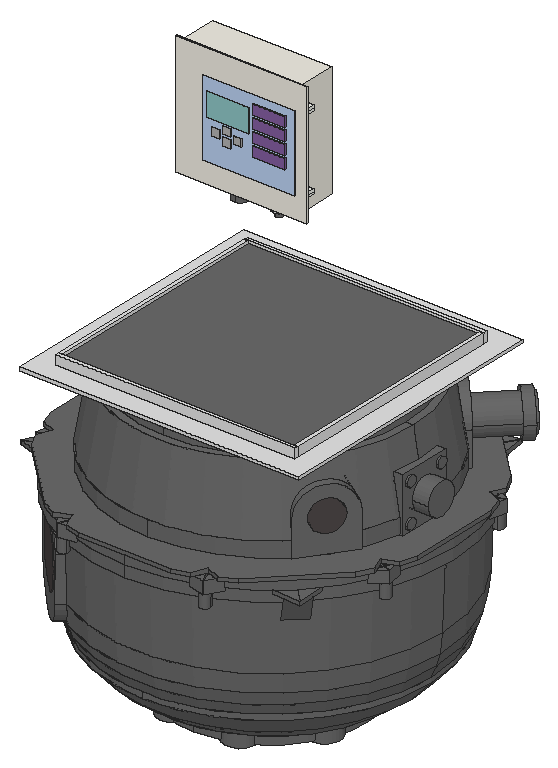
Revit family "281250s (200)", category Generic Models, Revit 2021
Family settings
  Can host rebar = No
  Round Connector Dimension = Use Diameter
  Part Type = Normal
  Work Plane-Based = No
  Always vertical = Yes
  Cut with Voids When Loaded = No
  Shared = Yes
  Room Calculation Point = No
Parameters (values of type "281250S")
  SUPPLIER = "KESSEL"
  SA700ID50 = "internal"
  SA700ID49 = "Protection Class I"
  SA700ID48 = "no"
  SA700ID47 = "no"
  SA700ID46 = "yes"
  SA700ID37 = 9000 mm
  SA700ID34 = 15.5
  SA700ID33 = 1.4 W
  SA700ID32 = 18.27 kg
  SA700ID31 = 1
  SA700ID30 = 1
  SA700ID29 = "RWDR"
  SA700ID21 = 900
  SA700ID10 = "No"
  SA700ID08 = 230 V
  PROCUREWEBLINK = "https://p.caden.as/kessel/281250S"
  PROCURELINK = "p.caden.as/kessel/281250S"
  PROCUREDATALASTUPDATE = "2024-05-22T12:17:21.284947562+01:00"
  PRC_SPECIFICATIONLINK = "https://ausschreiben.de/catalog/kessel/catalogItem/6dd9cbbd-9eb0-4519-be7c-f6a36aadcacb"
  NN = "Lifting station Aqualift S compact"
  NBSYN = "$SA810ID03. ($LODLEVEL.)"
  NB = "281250S (200)"
  Model = "281250S"
  Manufacturer = "KESSEL"
  MIdent = "{$CADENAS_DATA/23d-libs/kessel/kessel_vdi_import/4/entwaesserung/hebeanlage20aqualift20s20compact.prj},216 {STYP=ASS},{VTYP=3D},{NB=281250S (200)},{LINA=281250S},{NN=Lifting station Aqualift S compact},{DATE=21.11.2022 10:40:35},{GEOMDATE=21.11.2022 10:40:35},{VERSION=},{LINEID=180},{WBVAR=LODLEVEL},{WBNUMERIC=LODLEVEL}  {NB=281250S (200)},{LINA=281250S},{KT=DUMMY},{PREVIEW=../../bilder/ksb_w_281250s.png},{SA700ID04=Hebeanlage Aqualift S Compact, Tronic, GTF 1200, Bodenplatte, schwarz},{SA810ID06=04026092082683},{SA700ID34=15.50},{SA010ID03=201805},{SA810ID03=281250S},{SA810ID10=Die steckerfertige Hebeanlage für fäkalienfreies Abwasser ist mit einer überflutbaren Pumpe sowie einem Rückflussverhinderer ausgestattet. Der Sammelbehälter aus dauerhaft beständigem Kunststoff (PE) besitzt einen offenen Pumpenraum. Einhandverschlüsse ermöglichen die einfache Entnahme der integrierten Komponenten. Die Anlage zum Einbau in die Bodenplatte ist vormontiert zur bauseitigen Endmontage.Die Steuerung erfolgt durch ein anwenderfreundliches Schaltgerät, das optional über einen potentialfreien Kontakt in die Gebäudeleittechnik eingebunden werden oder Alarm- und Sammelstörmeldungen über eine GSM-Schnittstelle ausgeben kann.- mit teleskopischem Aufsatzstück für stufenlosen Höhen- und Niveauausgleich und integriertem Bodenablauf- Sammelbehälter aus PE, beständig gegen aggressive Abwässer und 3 m Grundwasser- inklusive Rückflussverhinderer für die Druckleitung- inklusive Stutzen für Zulauf und Kabelleerrohr- Pumpe mit Freistromrad für höchste BetriebssicherheitAusführung:Anlagenart: EinzelanlagePumpensteuerung: SchaltgerätRückflussverhinderer: integriertAuslieferungszustand: installationsfertig (Verbindungsteile sind bauseits anzuschließen)Einbausituation: Einbau in die BodenplatteAbwasserart: fäkalienfreiAllgemeine Merkmale:Farbe: schwarzNorm: EN 12050-2Abmessungen:Länge: 617 mmBreite: 585 mmBehälter/Grundkörper:Zulauf Nennweite (DN): 100 mmDruckabgang (DN): 32 mmDruckabgang (DA): 40 mmEinbautiefe: 490 - 620 mmNutzvolumen: 20 lArt der Höhenverstellbarkeit: teleskopisches AufsatzstückAbdeckungsmerkmale:Abdeckungsart: Abdeckplatte mit SchlitzrostAbdeckung Material: KunststoffAbdeckung Farbe: schwarzBelastungsklasse: K 3 (EN 1253-1)Länge: 366 mmBreite: 366 mmVerriegelung: Lock & LiftFreier Kugeldurchgang: 30 mmFördereinrichtung:Pumpe: GTF 1200Anzahl Pumpen: 1Förderleistung max.: 15,5 m3/hFörderhöhe max.: 9 mBetriebsspannung: 230 VNetzfrequenz: 50 HzBetriebsart: S3 - 10 %Leistung P1: 1,4 kWLeistung P2: 0,84 kWDrehzahl: 2.650 U/minErforderliche Absicherung (Leitungsschutz): C 16 AFörderguttemperatur (dauerhaft) max.: 40 °CAnschlusstyp: codierter SteckerLaufrad Typ: FreistromradLänge Netzanschlussleitung Pumpe: 5 mNennstrom: 6,2 ASchutzart Pumpe: IP 68 (3m)Typ Anschlussleitung Pumpe: H07RN-F 3G 1,0 mm2Temperaturüberwachung: integriertSteuerung:Schaltgerät: ComfortBetriebsspannung: 230 VNetzfrequenz: 50 HzSelbstdiagnosesystem (SDS): jaBatteriepufferung: jaMehrzeilige Displayanzeige: jaLogbuchfunktion: jaUSB-Schnittstelle: jaGSM-Schnittstelle: jaPotentialfreier Kontakt: optionalSchutzart Schaltgerät: IP 54Anschlusstyp: codierter SteckerLänge Netzanschlussleitung Schaltgerät: 1,4 mArt Niveauerfassung: pneumatischInstrument Niveauerfassung: TauchrohrAlarmgeber: optische Sonde},{SA700ID37=9.00},{SA700ID33=1.40},{SA700ID08=230},{SA700ID30=1},{SA700ID32=18.27},{SA700ID49=Schutzklasse I},{SA700ID50=intern},{SA200ID03=6},{SA250ID03=vertikal},{SA260ID03=Trockenläuferpumpe},{SA350ID03=normalansaugend},{SA400ID03=E-Motor für Wechselstrom},{SA460ID03=direkt},{SA500ID03=Kunststoff, Edelstahl},{SA700ID06=32},{SA700ID07=100},{SA700ID09=1/N/PE 230V },{SA700ID10=Nein},{SA700ID11=50},{SA700ID12=IP 68},{SA700ID13=F},{SA700ID15=35},{SA700ID21=900.00},{SA700ID22=0.84},{SA700ID23=2650},{SA700ID24=2650},{SA700ID26=6.20},{SA700ID27=14.90},{SA700ID28=durchgehend},{SA700ID29=RWDR},{SA700ID31=1},{SA700ID46=ja},{SA700ID47=nein},{SA700ID48=nein},{SA110ID04=Hebeanlage Aqualift S Compact},{SA300ID03=einstufig},{SA700ID44=10.00},{SA700ID45=10.00},{SA010ID04=KESSEL AG},{LODLEVEL=200},{LINK=https://www.kessel.de/info?han=281250S},{SA970ID01=970},{SA970ID02=14181},{SA970ID03=281250S},{SA970ID04=11002617},{SA970ID05=QUAD},{SA970ID06=-326},{SA970ID07=-291.04},{SA970ID08=0},{SA970ID09=1},{SA970ID10=0},{SA970ID11=0},{SA970ID12=0},{SA970ID13=1},{SA970ID14=0},{SA970ID15=617.04},{SA970ID16=582.09},{SA970ID17=506.5},{LODLEVEL_=200,'Low'},{LODLEVEL_DEU=200,'Low'},{LINK_=https://www.kessel.de/info?han=281250S},{LINK_DEU=https://www.kessel.de/info?han=281250S},{LODLEVEL_3DB=281250S_200},{DNIN1=100},{DNIN2=125},{DNIN3=100},{DNIN4=100},{DNOUT1=70},{DNOUT2=32},{ISD1=60},{ISD2=10},{ISD3=10},{SA010ID01=010},{SA010ID02=4},{SA010ID06=www.kessel.de},{SA010ID07=www.kessel.de},{SA010ID12=20180713},{SA010ID13=DEU},{SA010ID14=DE},{SA100ID01=100},{SA100ID02=4},{SA100ID04=Entwässerung},{SA110ID01=110},{SA110ID02=30},{SA200ID01=200},{SA200ID02=6},{SA250ID01=250},{SA250ID02=2},{SA260ID01=260},{SA260ID02=2},{SA300ID01=300},{SA300ID02=1},{SA350ID01=350},{SA350ID02=1},{SA400ID01=400},{SA400ID02=1},{SA460ID01=460},{SA460ID02=1},{SA500ID01=500},{SA500ID02=1},{SA700ID01=700},{SA700ID02=202},{SA700ID10_=0},{SA700ID16=0},{SA700ID25=0},{SA700ID46_=1},{SA700ID47_=0},{SA700ID48_=0},{SA700ID49_=1},{SA700ID50_=2},{SA800ID01=800},{SA800ID02=17},{SA810ID01=810},{SA810ID02=202},{SA810ID04=281250S},{SA810ID07=202},{SA810ID09=1},{SA810ID14=PCE},{SA810ID15=1},{SA810ID16=NMP},{SA960ID03=202},{SA960ID04=3L},{SA960ID08=https://www.kessel.de/info?han=281250S},{SA010ID08=4026092000007},{SA100ID05=Hebeanlage},{SA110ID06=Hebeanlage}"
  LINK = "https://www.kessel.de/info?han=281250S"
  LINA = "281250S"
  Default Elevation = 0 mm
  CREATOR = "CADENAS GmbH"
  CATALOG = "KESSEL"
  BOMINFO = "LINA"
  ARTICLENO = "NB"
  4.810.00.9 Order quantity (multiplicator) = "1"
  4.810.00.7 Media- connection number = "202"
  4.810.00.6 GTIN number = "04026092082683"
  4.810.00.4 DATANORM number = "281250S"
  4.810.00.3 Producer order number = "281250S"
  4.710.03.7 Mass (net) = 18.27 kg
  4.710.03.6 Height = 490 mm
  4.710.03.5 Width = 580 mm
  4.710.03.4 Length = 620 mm
  4.710.03.3 Type of dimensions = "2"
  4.710.02.8 Area of application of wastewater pump = "2"
  4.710.02.7 Art des S2/S3-Betriebs = "50 %"
  4.710.02.6 Duty type = "S3"
  4.710.02.5 Cutting device = "0"
  4.710.02.4 Attached pump control = "1"
  4.710.02.3 Free passage = 30 mm
  4.710.01.6 Option to connect to building automation = "30"
  4.710.01.5 Load regulation = "0"
  4.710.01.4 Designation of closed-loop control = "20"
  4.700.00.9 Voltage = 0
  4.700.00.8 Nominal connection size on suction side = "100"
  4.700.00.7 Nominal connection size on pressure side = "100"
  4.700.00.6 Type of connection = "32"
  4.700.00.4 Product indentification = "Hebeanlage Aqualift S Compact, Tronic, GTF 1200, Bodenplatte, schwarz"
  4.700.00.28 Motor pump shaft = "durchgehend"
  4.700.00.27 Starting current = 14.9
  4.700.00.26 Maximum power consumption per pump / drive = 6.2
  4.700.00.25 Minimum speed at internal speed adjustment = 0
  4.700.00.24 Nominal speed / maximum speed n = 44.1667
  4.700.00.23 Nominal speed of motor = 44.1667
  4.700.00.22 Maximum shaft output (P2) per pump/drive = 0.84 W
  4.700.00.16 Maximum temperature of pumped medium = 0 °C
  4.700.00.15 Increased safety class = "35 °C"
  4.700.00.13 Type of protection = "F"
  4.700.00.12 Frequency = 0
  4.700.00.11 Stern-/Dreieck-Anlaufschaltung bei Dreiphasenanschluss oder Drehstrom = "50 Hz"
  4.700.00.10 Phase = "0"
  4.500.00.3 Variant / Variant type / Accessories-name = "Kunststoff, Edelstahl"
  4.460.00.3 Variant / Variant type / Accessories-name = "direkt"
  4.400.00.3 Variant / Variant type / Accessories-name = "E-Motor für Wechselstrom"
  4.350.00.3 Variant / Variant type / Accessories-name = "normalansaugend"
  4.300.00.3 Variant / Variant type / Accessories-name = "einstufig"
  4.260.00.3 Variant / Variant type / Accessories-name = "Trockenläuferpumpe"
  4.250.00.3 Variant / Variant type / Accessories-name = "vertikal"
  4.200.00.3 Variant / Variant type / Accessories-name = "6"
  4.110.00.6 Product classification = "Hebeanlage"
  4.110.00.4 Product indentification = "Hebeanlage Aqualift S Compact"
  4.100.00.5 Main groups of wares = "Hebeanlage"
  4.100.00.4 Product indentification = "Entwässerung"
  4.010.00.8 Producer ID number = "4026092000007"
  4.010.00.7 Comment = "www.kessel.de"
  4.010.00.6 Web address of the manufacturer = "www.kessel.de"
  4.010.00.4 Manufacturer name = "KESSEL AG"
  4.010.00.3 Date of issuance (month) of guideline = "201805"
  4.010.00.2 Sheet number of the guideline = "4"
  4.010.00.14 Kennungen der Projektländer, für die die Datei gültig ist = "DE"
  4.010.00.13 Sprache der Datei = "DEU"
  4.010.00.12 Stand des Herstellerkatalogs = "20180713"
Reference planes
  plane 1 "Center (Front/Back)": y = 0
  plane 2: z = 0
  plane 3 "Center (Left/Right)": x = 0
Forms (mm)
  Extrusion 1, void
    sketch origin (-161, 217, 518.2) x (0, 1, 0) y (-1, 0, 0)
      loop
        line (-0.5, -0.5) -> (0.5, -0.5) -> (0.5, 0.5) -> (-0.5, 0.5) -> (-0.5, -0.5)
    from 0 to 1
  Extrusion 2, void
    sketch origin (-197.283, 197.283, 209) x (-0.707107, -0.707107, 0) y (0, 0, -1)
      loop
        line (-0.5, -0.5) -> (0.5, -0.5) -> (0.5, 0.5) -> (-0.5, 0.5) -> (-0.5, -0.5)
    from 0 to 1
  Extrusion 3, void
    sketch origin (-197.283, -197.283, 209) x (0.707107, -0.707107, 0) y (0, 0, -1)
      loop
        line (-0.5, -0.5) -> (0.5, -0.5) -> (0.5, 0.5) -> (-0.5, 0.5) -> (-0.5, -0.5)
    from 0 to 1
  Extrusion 4, void
    sketch origin (-247, 0, 370) x (0, -1, 0) y (0, 0, -1)
      loop
        line (-0.5, -0.5) -> (0.5, -0.5) -> (0.5, 0.5) -> (-0.5, 0.5) -> (-0.5, -0.5)
    from 0 to 1
  Extrusion 5, void
    sketch origin (242.226, 228.084, 376) x (-0.707107, 0.707107, 0) y (0, 0, -1)
      loop
        line (-0.5, -0.5) -> (0.5, -0.5) -> (0.5, 0.5) -> (-0.5, 0.5) -> (-0.5, -0.5)
    from 0 to 1
  Extrusion 6, void
    sketch origin (228.084, 242.226, 376) x (-0.707107, 0.707107, 0) y (0, 0, -1)
      loop
        line (-0.5, -0.5) -> (0.5, -0.5) -> (0.5, 0.5) -> (-0.5, 0.5) -> (-0.5, -0.5)
    from 0 to 1
  Extrusion 7, void
    sketch origin (242.226, 228.084, 364) x (-0.707107, 0.707107, 0) y (0, 0, -1)
      loop
        line (-0.5, -0.5) -> (0.5, -0.5) -> (0.5, 0.5) -> (-0.5, 0.5) -> (-0.5, -0.5)
    from 0 to 1
  Extrusion 8, void
    sketch origin (228.084, 242.226, 364) x (-0.707107, 0.707107, 0) y (0, 0, -1)
      loop
        line (-0.5, -0.5) -> (0.5, -0.5) -> (0.5, 0.5) -> (-0.5, 0.5) -> (-0.5, -0.5)
    from 0 to 1
Dimensions and locks
  locked: plane 2 to Extrusion 1 at 519.2
  locked: plane 2 to Extrusion 1 at 518.2
  locked: plane 2 to Extrusion 2 at 208.5
  locked: plane 2 to Extrusion 2 at 209.5
  locked: plane 2 to Extrusion 3 at 208.5
  locked: plane 2 to Extrusion 3 at 209.5
  locked: plane 2 to Extrusion 4 at 369.5
  locked: plane 2 to Extrusion 4 at 370.5
  locked: plane 2 to Extrusion 5 at 375.5
  locked: plane 2 to Extrusion 5 at 376.5
  locked: plane 2 to Extrusion 6 at 375.5
  locked: plane 2 to Extrusion 6 at 376.5
  locked: plane 2 to Extrusion 7 at 363.5
  locked: plane 2 to Extrusion 7 at 364.5
  locked: plane 2 to Extrusion 8 at 363.5
  locked: plane 2 to Extrusion 8 at 364.5
  aligned and locked: level to plane 2
Nested families
  nested 1: "281250s (200)_content" at (0, 0, 0), type "281250S (200)_Content"
  nested 2: "281250s (200)_part1_X0Y0" at (-194, 244.5, 558), type "281250S_PART1_X0Y0"
  nested 3: "281250s (200)_part2_X0Y0" at (0, 0, 0), type "281250S_PART2_X0Y0"
Connectors
  electrical at (-257.5, 217, 524.5)
    settings: on nested 2, index 1, voltage 0 V, apparent load 0 VA, apparent load phase1 0 VA, apparent load phase2 0 VA, apparent load phase3 0 VA, power factor 1, load classification "Other", number of poles 1, system type 31, power factor state 1, is connector primary yes, connector utility no, sub classification motor no, connector description ""
  electrical at (-223, 217, 521)
    settings: on nested 2, index 2, voltage 0 V, apparent load 0 VA, apparent load phase1 0 VA, apparent load phase2 0 VA, apparent load phase3 0 VA, power factor 1, load classification "Other", number of poles 1, system type 31, power factor state 1, is connector primary no, connector utility no, sub classification motor no, connector description ""
  electrical at (-189, 217, 530.9)
    settings: on nested 2, index 3, voltage 0 V, apparent load 0 VA, apparent load phase1 0 VA, apparent load phase2 0 VA, apparent load phase3 0 VA, power factor 1, load classification "Other", number of poles 1, system type 31, power factor state 1, is connector primary no, connector utility no, sub classification motor no, connector description ""
  electrical at (-161, 217, 518.2)
    settings: on Extrusion 1, index 4, voltage 0 V, apparent load 0 VA, apparent load phase1 0 VA, apparent load phase2 0 VA, apparent load phase3 0 VA, power factor 1, load classification "Other", number of poles 1, system type 31, power factor state 1, is connector primary no, connector utility no, sub classification motor no, connector description ""
  electrical at (-136.5, 217, 557.2)
    settings: on nested 2, index 5, voltage 0 V, apparent load 0 VA, apparent load phase1 0 VA, apparent load phase2 0 VA, apparent load phase3 0 VA, power factor 1, load classification "Other", number of poles 1, system type 31, power factor state 1, is connector primary no, connector utility no, sub classification motor no, connector description ""
  electrical at (-114.5, 217, 557.2)
    settings: on nested 2, index 6, voltage 0 V, apparent load 0 VA, apparent load phase1 0 VA, apparent load phase2 0 VA, apparent load phase3 0 VA, power factor 1, load classification "Other", number of poles 1, system type 31, power factor state 1, is connector primary no, connector utility no, sub classification motor no, connector description ""
  piping at (-326, 0, 209), diameter 125
    settings: on nested 3, index 7, connector inside diameter 609.6 mm, connector length 0 mm, flow factor 0, pipe flow 0.0 L/s, pressure drop 0.0 Pa, fitting loss kfactor 0, connector angle 0.00°, fixture units 0, engagement length 0 mm, angle of deflection 0.00°, flow configuration 0, flow direction 1, fitting loss method 2, system type 29, joint type 0, gender type 0, connector reference index -1, connector utility 0, adjustable connector no, is connector primary yes, connector description ""
  piping at (-197.283, 197.283, 209), diameter 100
    settings: on Extrusion 2, index 8, connector inside diameter 609.6 mm, connector length 0 mm, flow factor 0, pipe flow 0.0 L/s, pressure drop 0.0 Pa, fitting loss kfactor 0, connector angle 0.00°, fixture units 0, engagement length 0 mm, angle of deflection 0.00°, flow configuration 0, flow direction 0, fitting loss method 2, system type 29, joint type 0, gender type 0, connector reference index -1, connector utility 0, adjustable connector no, is connector primary no, connector description ""
  piping at (-197.283, -197.283, 209), diameter 100
    settings: on Extrusion 3, index 9, connector inside diameter 609.6 mm, connector length 0 mm, flow factor 0, pipe flow 0.0 L/s, pressure drop 0.0 Pa, fitting loss kfactor 0, connector angle 0.00°, fixture units 0, engagement length 0 mm, angle of deflection 0.00°, flow configuration 0, flow direction 0, fitting loss method 2, system type 29, joint type 0, gender type 0, connector reference index -1, connector utility 0, adjustable connector no, is connector primary no, connector description ""
  piping at (-247, 0, 370), diameter 70
    settings: on Extrusion 4, index 10, connector inside diameter 609.6 mm, connector length 0 mm, flow factor 0, pipe flow 0.0 L/s, pressure drop 0.0 Pa, fitting loss kfactor 0, connector angle 0.00°, fixture units 0, engagement length 0 mm, angle of deflection 0.00°, flow configuration 0, flow direction 0, fitting loss method 2, system type 29, joint type 0, gender type 0, connector reference index -1, connector utility 0, adjustable connector no, is connector primary no, connector description ""
  piping at (272.5, -3, 363.25), diameter 32
    settings: on nested 3, index 11, connector inside diameter 609.6 mm, connector length 0 mm, flow factor 0, pipe flow 0.0 L/s, pressure drop 0.0 Pa, fitting loss kfactor 0, connector angle 0.00°, fixture units 0, engagement length 0 mm, angle of deflection 0.00°, flow configuration 0, flow direction 2, fitting loss method 2, system type 29, joint type 0, gender type 0, connector reference index -1, connector utility 0, adjustable connector no, is connector primary no, connector description ""
  electrical at (242.226, 228.084, 376)
    settings: on Extrusion 5, index 12, voltage 0 V, apparent load 0 VA, apparent load phase1 0 VA, apparent load phase2 0 VA, apparent load phase3 0 VA, power factor 1, load classification "Other", number of poles 1, system type 31, power factor state 1, is connector primary no, connector utility no, sub classification motor no, connector description ""
  electrical at (228.084, 242.226, 376)
    settings: on Extrusion 6, index 13, voltage 0 V, apparent load 0 VA, apparent load phase1 0 VA, apparent load phase2 0 VA, apparent load phase3 0 VA, power factor 1, load classification "Other", number of poles 1, system type 31, power factor state 1, is connector primary no, connector utility no, sub classification motor no, connector description ""
  electrical at (242.226, 228.084, 364)
    settings: on Extrusion 7, index 14, voltage 0 V, apparent load 0 VA, apparent load phase1 0 VA, apparent load phase2 0 VA, apparent load phase3 0 VA, power factor 1, load classification "Other", number of poles 1, system type 31, power factor state 1, is connector primary no, connector utility no, sub classification motor no, connector description ""
  electrical at (228.084, 242.226, 364)
    settings: on Extrusion 8, index 15, voltage 0 V, apparent load 0 VA, apparent load phase1 0 VA, apparent load phase2 0 VA, apparent load phase3 0 VA, power factor 1, load classification "Other", number of poles 1, system type 31, power factor state 1, is connector primary no, connector utility no, sub classification motor no, connector description ""
Definition of nested family "281250s (200)_part1_X0Y0"
  Parameters (values of type "281250S_PART1_X0Y0")
    SUPPLIER = "KESSEL"
    SA700ID50 = "internal"
    SA700ID49 = "Protection Class I"
    SA700ID48 = "no"
    SA700ID47 = "no"
    SA700ID46 = "yes"
    SA700ID37 = 9000 mm
    SA700ID34 = 15.5
    SA700ID33 = 1.4 W
    SA700ID32 = 18.27 kg
    SA700ID31 = 1
    SA700ID30 = 1
    SA700ID29 = "RWDR"
    SA700ID21 = 900
    SA700ID10 = "No"
    SA700ID08 = 230 V
    NBSYN = "$SA810ID03. ($LODLEVEL.)_PART1"
    NB = "281250S (200)_PART1"
    Model = "281250S_PART1"
    Manufacturer = "KESSEL"
    MIdent = "{$CADENAS_DATA/23d-libs/kessel/kessel_vdi_import/4/entwaesserung/hebeanlage20aqualift20s20compact.prj},236 {VTYP=3D},{NB=281250S (200)_PART1},{LINA=281250S_PART1},{NN=Lifting station Aqualift S compact_PART1},{NOPRJ=TRUE},{DATE=21.11.2022 10:40:35},{GEOMDATE=21.11.2022 10:40:35},{VERSION=},{LINEID=180},{WBVAR=LODLEVEL},{WBNUMERIC=LODLEVEL}  {NB=281250S (200)_PART1},{LINA=281250S_PART1},{KT=DUMMY},{PREVIEW=../../bilder/ksb_w_281250s.png},{SA700ID04=Hebeanlage Aqualift S Compact, Tronic, GTF 1200, Bodenplatte, schwarz},{SA810ID06=04026092082683},{SA700ID34=15.50},{SA010ID03=201805},{SA810ID03=281250S},{SA810ID10=Die steckerfertige Hebeanlage für fäkalienfreies Abwasser ist mit einer überflutbaren Pumpe sowie einem Rückflussverhinderer ausgestattet. Der Sammelbehälter aus dauerhaft beständigem Kunststoff (PE) besitzt einen offenen Pumpenraum. Einhandverschlüsse ermöglichen die einfache Entnahme der integrierten Komponenten. Die Anlage zum Einbau in die Bodenplatte ist vormontiert zur bauseitigen Endmontage.Die Steuerung erfolgt durch ein anwenderfreundliches Schaltgerät, das optional über einen potentialfreien Kontakt in die Gebäudeleittechnik eingebunden werden oder Alarm- und Sammelstörmeldungen über eine GSM-Schnittstelle ausgeben kann.- mit teleskopischem Aufsatzstück für stufenlosen Höhen- und Niveauausgleich und integriertem Bodenablauf- Sammelbehälter aus PE, beständig gegen aggressive Abwässer und 3 m Grundwasser- inklusive Rückflussverhinderer für die Druckleitung- inklusive Stutzen für Zulauf und Kabelleerrohr- Pumpe mit Freistromrad für höchste BetriebssicherheitAusführung:Anlagenart: EinzelanlagePumpensteuerung: SchaltgerätRückflussverhinderer: integriertAuslieferungszustand: installationsfertig (Verbindungsteile sind bauseits anzuschließen)Einbausituation: Einbau in die BodenplatteAbwasserart: fäkalienfreiAllgemeine Merkmale:Farbe: schwarzNorm: EN 12050-2Abmessungen:Länge: 617 mmBreite: 585 mmBehälter/Grundkörper:Zulauf Nennweite (DN): 100 mmDruckabgang (DN): 32 mmDruckabgang (DA): 40 mmEinbautiefe: 490 - 620 mmNutzvolumen: 20 lArt der Höhenverstellbarkeit: teleskopisches AufsatzstückAbdeckungsmerkmale:Abdeckungsart: Abdeckplatte mit SchlitzrostAbdeckung Material: KunststoffAbdeckung Farbe: schwarzBelastungsklasse: K 3 (EN 1253-1)Länge: 366 mmBreite: 366 mmVerriegelung: Lock & LiftFreier Kugeldurchgang: 30 mmFördereinrichtung:Pumpe: GTF 1200Anzahl Pumpen: 1Förderleistung max.: 15,5 m3/hFörderhöhe max.: 9 mBetriebsspannung: 230 VNetzfrequenz: 50 HzBetriebsart: S3 - 10 %Leistung P1: 1,4 kWLeistung P2: 0,84 kWDrehzahl: 2.650 U/minErforderliche Absicherung (Leitungsschutz): C 16 AFörderguttemperatur (dauerhaft) max.: 40 °CAnschlusstyp: codierter SteckerLaufrad Typ: FreistromradLänge Netzanschlussleitung Pumpe: 5 mNennstrom: 6,2 ASchutzart Pumpe: IP 68 (3m)Typ Anschlussleitung Pumpe: H07RN-F 3G 1,0 mm2Temperaturüberwachung: integriertSteuerung:Schaltgerät: ComfortBetriebsspannung: 230 VNetzfrequenz: 50 HzSelbstdiagnosesystem (SDS): jaBatteriepufferung: jaMehrzeilige Displayanzeige: jaLogbuchfunktion: jaUSB-Schnittstelle: jaGSM-Schnittstelle: jaPotentialfreier Kontakt: optionalSchutzart Schaltgerät: IP 54Anschlusstyp: codierter SteckerLänge Netzanschlussleitung Schaltgerät: 1,4 mArt Niveauerfassung: pneumatischInstrument Niveauerfassung: TauchrohrAlarmgeber: optische Sonde},{SA700ID37=9.00},{SA700ID33=1.40},{SA700ID08=230},{SA700ID30=1},{SA700ID32=18.27},{SA700ID49=Schutzklasse I},{SA700ID50=intern},{SA200ID03=6},{SA250ID03=vertikal},{SA260ID03=Trockenläuferpumpe},{SA350ID03=normalansaugend},{SA400ID03=E-Motor für Wechselstrom},{SA460ID03=direkt},{SA500ID03=Kunststoff, Edelstahl},{SA700ID06=32},{SA700ID07=100},{SA700ID09=1/N/PE 230V },{SA700ID10=Nein},{SA700ID11=50},{SA700ID12=IP 68},{SA700ID13=F},{SA700ID15=35},{SA700ID21=900.00},{SA700ID22=0.84},{SA700ID23=2650},{SA700ID24=2650},{SA700ID26=6.20},{SA700ID27=14.90},{SA700ID28=durchgehend},{SA700ID29=RWDR},{SA700ID31=1},{SA700ID46=ja},{SA700ID47=nein},{SA700ID48=nein},{SA110ID04=Hebeanlage Aqualift S Compact},{SA300ID03=einstufig},{SA700ID44=10.00},{SA700ID45=10.00},{SA010ID04=KESSEL AG},{LODLEVEL=200},{LINK=https://www.kessel.de/info?han=281250S},{SA970ID01=970},{SA970ID02=14181},{SA970ID03=281250S},{SA970ID04=11002617},{SA970ID05=QUAD},{SA970ID06=-326},{SA970ID07=-291.04},{SA970ID08=0},{SA970ID09=1},{SA970ID10=0},{SA970ID11=0},{SA970ID12=0},{SA970ID13=1},{SA970ID14=0},{SA970ID15=617.04},{SA970ID16=582.09},{SA970ID17=506.5},{LODLEVEL_=200,'Low'},{LODLEVEL_DEU=200,'Low'},{LINK_=https://www.kessel.de/info?han=281250S},{LINK_DEU=https://www.kessel.de/info?han=281250S},{LODLEVEL_3DB=281250S_200},{DNIN1=100},{DNIN2=125},{DNIN3=100},{DNIN4=100},{DNOUT1=70},{DNOUT2=32},{ISD1=60},{ISD2=10},{ISD3=10},{SA010ID01=010},{SA010ID02=4},{SA010ID06=www.kessel.de},{SA010ID07=www.kessel.de},{SA010ID12=20180713},{SA010ID13=DEU},{SA010ID14=DE},{SA100ID01=100},{SA100ID02=4},{SA100ID04=Entwässerung},{SA110ID01=110},{SA110ID02=30},{SA200ID01=200},{SA200ID02=6},{SA250ID01=250},{SA250ID02=2},{SA260ID01=260},{SA260ID02=2},{SA300ID01=300},{SA300ID02=1},{SA350ID01=350},{SA350ID02=1},{SA400ID01=400},{SA400ID02=1},{SA460ID01=460},{SA460ID02=1},{SA500ID01=500},{SA500ID02=1},{SA700ID01=700},{SA700ID02=202},{SA700ID10_=0},{SA700ID16=0},{SA700ID25=0},{SA700ID46_=1},{SA700ID47_=0},{SA700ID48_=0},{SA700ID49_=1},{SA700ID50_=2},{SA800ID01=800},{SA800ID02=17},{SA810ID01=810},{SA810ID02=202},{SA810ID04=281250S},{SA810ID07=202},{SA810ID09=1},{SA810ID14=PCE},{SA810ID15=1},{SA810ID16=NMP},{SA960ID03=202},{SA960ID04=3L},{SA960ID08=https://www.kessel.de/info?han=281250S},{SA010ID08=4026092000007},{SA100ID05=Hebeanlage},{SA110ID06=Hebeanlage}"
    LINK = "https://www.kessel.de/info?han=281250S"
    LINA = "281250S_PART1"
    Default Elevation = 1219.2 mm
    CREATOR = "CADENAS GmbH"
    CATALOG = "KESSEL"
    BOMINFO = "LINA"
    ARTICLENO = "NB"
    4.810.00.9 Order quantity (multiplicator) = "1"
    4.810.00.7 Media- connection number = "202"
    4.810.00.6 GTIN number = "04026092082683"
    4.810.00.4 DATANORM number = "281250S"
    4.810.00.3 Producer order number = "281250S"
    4.710.03.7 Mass (net) = 18.27 kg
    4.710.03.6 Height = 490 mm
    4.710.03.5 Width = 580 mm
    4.710.03.4 Length = 620 mm
    4.710.03.3 Type of dimensions = "2"
    4.710.02.8 Area of application of wastewater pump = "2"
    4.710.02.7 Art des S2/S3-Betriebs = "50 %"
    4.710.02.6 Duty type = "S3"
    4.710.02.5 Cutting device = "0"
    4.710.02.4 Attached pump control = "1"
    4.710.02.3 Free passage = 30 mm
    4.710.01.6 Option to connect to building automation = "30"
    4.710.01.5 Load regulation = "0"
    4.710.01.4 Designation of closed-loop control = "20"
    4.700.00.9 Voltage = 0
    4.700.00.8 Nominal connection size on suction side = "100"
    4.700.00.7 Nominal connection size on pressure side = "100"
    4.700.00.6 Type of connection = "32"
    4.700.00.4 Product indentification = "Hebeanlage Aqualift S Compact, Tronic, GTF 1200, Bodenplatte, schwarz"
    4.700.00.28 Motor pump shaft = "durchgehend"
    4.700.00.27 Starting current = 14.9
    4.700.00.26 Maximum power consumption per pump / drive = 6.2
    4.700.00.25 Minimum speed at internal speed adjustment = 0
    4.700.00.24 Nominal speed / maximum speed n = 44.1667
    4.700.00.23 Nominal speed of motor = 44.1667
    4.700.00.22 Maximum shaft output (P2) per pump/drive = 0.84 W
    4.700.00.16 Maximum temperature of pumped medium = 0 °C
    4.700.00.15 Increased safety class = "35 °C"
    4.700.00.13 Type of protection = "F"
    4.700.00.12 Frequency = 0
    4.700.00.11 Stern-/Dreieck-Anlaufschaltung bei Dreiphasenanschluss oder Drehstrom = "50 Hz"
    4.700.00.10 Phase = "0"
    4.500.00.3 Variant / Variant type / Accessories-name = "Kunststoff, Edelstahl"
    4.460.00.3 Variant / Variant type / Accessories-name = "direkt"
    4.400.00.3 Variant / Variant type / Accessories-name = "E-Motor für Wechselstrom"
    4.350.00.3 Variant / Variant type / Accessories-name = "normalansaugend"
    4.300.00.3 Variant / Variant type / Accessories-name = "einstufig"
    4.260.00.3 Variant / Variant type / Accessories-name = "Trockenläuferpumpe"
    4.250.00.3 Variant / Variant type / Accessories-name = "vertikal"
    4.200.00.3 Variant / Variant type / Accessories-name = "6"
    4.110.00.6 Product classification = "Hebeanlage"
    4.110.00.4 Product indentification = "Hebeanlage Aqualift S Compact"
    4.100.00.5 Main groups of wares = "Hebeanlage"
    4.100.00.4 Product indentification = "Entwässerung"
    4.010.00.8 Producer ID number = "4026092000007"
    4.010.00.7 Comment = "www.kessel.de"
    4.010.00.6 Web address of the manufacturer = "www.kessel.de"
    4.010.00.4 Manufacturer name = "KESSEL AG"
    4.010.00.3 Date of issuance (month) of guideline = "201805"
    4.010.00.2 Sheet number of the guideline = "4"
    4.010.00.14 Kennungen der Projektländer, für die die Datei gültig ist = "DE"
    4.010.00.13 Sprache der Datei = "DEU"
    4.010.00.12 Stand des Herstellerkatalogs = "20180713"
  Reference planes
    plane 1 "Center (Front/Back)": y = 0
    plane 2: z = 0
    plane 3 "Center (Left/Right)": x = 0
  Dimensions and locks
    aligned and locked: level to plane 2
  Nested families
    nested 1: "281250s (200)_part1_content" at (0, 0, 0), type "281250S (200)_PART1_Content"
  Definition of nested family "281250s (200)_part1_content"
    Parameters (values of type "281250S (200)_PART1_Content")
      SUPPLIER = "KESSEL"
      SA700ID50 = "internal"
      SA700ID49 = "Protection Class I"
      SA700ID48 = "no"
      SA700ID47 = "no"
      SA700ID46 = "yes"
      SA700ID37 = 9000 mm
      SA700ID34 = 15.5
      SA700ID33 = 1.4 W
      SA700ID32 = 18.27 kg
      SA700ID31 = 1
      SA700ID30 = 1
      SA700ID29 = "RWDR"
      SA700ID21 = 900
      SA700ID10 = "No"
      SA700ID08 = 230 V
      NBSYN = "$SA810ID03. ($LODLEVEL.)_PART1"
      NB = "281250S (200)_PART1"
      Model = "281250S_PART1"
      Manufacturer = "KESSEL"
      LINK = "https://www.kessel.de/info?han=281250S"
      LINA = "281250S_PART1"
      Default Elevation = 1219.2 mm
      CREATOR = "CADENAS GmbH"
      CATALOG = "KESSEL"
      BOMINFO = "LINA"
      ARTICLENO = "NB"
      4.810.00.9 Order quantity (multiplicator) = "1"
      4.810.00.7 Media- connection number = "202"
      4.810.00.6 GTIN number = "04026092082683"
      4.810.00.4 DATANORM number = "281250S"
      4.810.00.3 Producer order number = "281250S"
      4.710.03.7 Mass (net) = 18.27 kg
      4.710.03.6 Height = 490 mm
      4.710.03.5 Width = 580 mm
      4.710.03.4 Length = 620 mm
      4.710.03.3 Type of dimensions = "2"
      4.710.02.8 Area of application of wastewater pump = "2"
      4.710.02.7 Art des S2/S3-Betriebs = "50 %"
      4.710.02.6 Duty type = "S3"
      4.710.02.5 Cutting device = "0"
      4.710.02.4 Attached pump control = "1"
      4.710.02.3 Free passage = 30 mm
      4.710.01.6 Option to connect to building automation = "30"
      4.710.01.5 Load regulation = "0"
      4.710.01.4 Designation of closed-loop control = "20"
      4.700.00.9 Voltage = 0
      4.700.00.8 Nominal connection size on suction side = "100"
      4.700.00.7 Nominal connection size on pressure side = "100"
      4.700.00.6 Type of connection = "32"
      4.700.00.4 Product indentification = "Hebeanlage Aqualift S Compact, Tronic, GTF 1200, Bodenplatte, schwarz"
      4.700.00.28 Motor pump shaft = "durchgehend"
      4.700.00.27 Starting current = 14.9
      4.700.00.26 Maximum power consumption per pump / drive = 6.2
      4.700.00.25 Minimum speed at internal speed adjustment = 0
      4.700.00.24 Nominal speed / maximum speed n = 44.1667
      4.700.00.23 Nominal speed of motor = 44.1667
      4.700.00.22 Maximum shaft output (P2) per pump/drive = 0.84 W
      4.700.00.16 Maximum temperature of pumped medium = 0 °C
      4.700.00.15 Increased safety class = "35 °C"
      4.700.00.13 Type of protection = "F"
      4.700.00.12 Frequency = 0
      4.700.00.11 Stern-/Dreieck-Anlaufschaltung bei Dreiphasenanschluss oder Drehstrom = "50 Hz"
      4.700.00.10 Phase = "0"
      4.500.00.3 Variant / Variant type / Accessories-name = "Kunststoff, Edelstahl"
      4.460.00.3 Variant / Variant type / Accessories-name = "direkt"
      4.400.00.3 Variant / Variant type / Accessories-name = "E-Motor für Wechselstrom"
      4.350.00.3 Variant / Variant type / Accessories-name = "normalansaugend"
      4.300.00.3 Variant / Variant type / Accessories-name = "einstufig"
      4.260.00.3 Variant / Variant type / Accessories-name = "Trockenläuferpumpe"
      4.250.00.3 Variant / Variant type / Accessories-name = "vertikal"
      4.200.00.3 Variant / Variant type / Accessories-name = "6"
      4.110.00.6 Product classification = "Hebeanlage"
      4.110.00.4 Product indentification = "Hebeanlage Aqualift S Compact"
      4.100.00.5 Main groups of wares = "Hebeanlage"
      4.100.00.4 Product indentification = "Entwässerung"
      4.010.00.8 Producer ID number = "4026092000007"
      4.010.00.7 Comment = "www.kessel.de"
      4.010.00.6 Web address of the manufacturer = "www.kessel.de"
      4.010.00.4 Manufacturer name = "KESSEL AG"
      4.010.00.3 Date of issuance (month) of guideline = "201805"
      4.010.00.2 Sheet number of the guideline = "4"
      4.010.00.14 Kennungen der Projektländer, für die die Datei gültig ist = "DE"
      4.010.00.13 Sprache der Datei = "DEU"
      4.010.00.12 Stand des Herstellerkatalogs = "20180713"
    Reference planes
      plane 1 "Center (Front/Back)": y = 0
      plane 2: z = 0
      plane 3 "Center (Left/Right)": x = 0
    Forms (mm)
      Extrusion 1, solid, detail levels medium+fine
        sketch origin (94.5, 0, 0) x (0, -1, 0) y (0, 0, 1)
          loop
            line (0, 181) -> (0, 0) -> (66, 0) -> (66, 181) -> (0, 181)
        from 0 to 189
      Extrusion 2, solid, detail levels medium+fine
        sketch origin (108.5, -66, -7) x (0, -1, 0) y (0, 0, 1)
          loop
            line (0, 194) -> (0, 0) -> (2, 0) -> (2, 194) -> (0, 194)
        from 0 to 208
      Extrusion 3, solid, detail levels medium+fine
        sketch origin (90, -68, 26.5) x (0, -1, 0) y (0, 0, 1)
          loop
            line (-1.25, 120) -> (-1.25, 0) -> (0.25, 0) -> (0.25, 120) -> (-1.25, 120)
        from 0 to 146
      Extrusion 4, solid, detail levels medium+fine
        sketch origin (5.5, -68.25, 66) x (0, -1, 0) y (0, 0, 1)
          loop
            line (-1, 12) -> (-1, 0) -> (0.5, 0) -> (0.5, 12) -> (-1, 12)
        from 0 to 12
      Extrusion 5, solid, detail levels medium+fine
        sketch origin (76.25, -68.25, 79) x (0, -1, 0) y (0, 0, 1)
          loop
            line (0, 16) -> (0, 0) -> (1.75, 0) -> (1.75, 16) -> (0, 16)
        from 0 to 51
      Extrusion 6, solid, detail levels medium+fine
        sketch origin (-11.75, -68.25, 74) x (0, -1, 0) y (0, 0, 1)
          loop
            line (-1, 12) -> (-1, 0) -> (0.5, 0) -> (0.5, 12) -> (-1, 12)
        from 0 to 12
      Extrusion 7, solid, detail levels medium+fine
        sketch origin (76.25, -68.25, 59) x (0, -1, 0) y (0, 0, 1)
          loop
            line (0, 16) -> (0, 0) -> (1.75, 0) -> (1.75, 16) -> (0, 16)
        from 0 to 51
      Extrusion 8, solid, detail levels medium+fine
        sketch origin (17.4, -68.25, 89.5) x (0, -1, 0) y (0, 0, 1)
          loop
            line (-1, 37) -> (-1, 0) -> (0.5, 0) -> (0.5, 37) -> (-1, 37)
        from 0 to 66
      Extrusion 9, solid, detail levels medium+fine
        sketch origin (76.25, -68.25, 99) x (0, -1, 0) y (0, 0, 1)
          loop
            line (0, 16) -> (0, 0) -> (1.75, 0) -> (1.75, 16) -> (0, 16)
        from 0 to 51
      Extrusion 10, solid, detail levels medium+fine
        sketch origin (-11.75, -68.25, 57.5) x (0, -1, 0) y (0, 0, 1)
          loop
            line (-1, 12) -> (-1, 0) -> (0.5, 0) -> (0.5, 12) -> (-1, 12)
        from 0 to 12
      Extrusion 11, solid, detail levels medium+fine
        sketch origin (76.25, -68.25, 119) x (0, -1, 0) y (0, 0, 1)
          loop
            line (0, 16) -> (0, 0) -> (1.75, 0) -> (1.75, 16) -> (0, 16)
        from 0 to 51
      Extrusion 12, solid, detail levels medium+fine
        sketch origin (-29, -68.25, 66) x (0, -1, 0) y (0, 0, 1)
          loop
            line (-1, 12) -> (-1, 0) -> (0.5, 0) -> (0.5, 12) -> (-1, 12)
        from 0 to 12
      Extrusion 13, solid, detail levels medium+fine
        sketch origin (5, -27.5, 0) x (1, 0, 0) y (0, -1, 0)
          loop
            circle (0, 0) r 11
        from 0 to 17.3
      Extrusion 14, solid, detail levels medium+fine
        sketch origin (5, -27.5, -16.3) x (1, 0, 0) y (0, -1, 0)
          loop
            circle (0, 0) r 8.65
        from 0 to 10.8
      Extrusion 15, solid, detail levels medium+fine
        sketch origin (-29, -27.5, 0) x (1, 0, 0) y (0, -1, 0)
          loop
            circle (0, 0) r 11.4
        from 0 to 9
      Extrusion 16, solid, detail levels medium+fine
        sketch origin (-29, -27.5, -9) x (1, 0, 0) y (0, -1, 0)
          loop
            circle (0, 0) r 11.75
        from 0 to 28
      Extrusion 17, solid, detail levels medium+fine
        sketch origin (33, -27.5, 0) x (1, 0, 0) y (0, -1, 0)
          loop
            circle (0, 0) r 11
        from 0 to 11
      Extrusion 18, solid, detail levels medium+fine
        sketch origin (33, -27.5, -11) x (1, 0, 0) y (0, -1, 0)
          loop
            circle (0, 0) r 11
        from 0 to 19.8
      Extrusion 19, solid, detail levels medium+fine
        sketch origin (33, -27.5, -29.8) x (1, 0, 0) y (0, -1, 0)
          loop
            circle (0, 0) r 6
        from 0 to 9
      Extrusion 20, solid, detail levels medium+fine
        sketch origin (57.5, -27.5, 2) x (1, 0, 0) y (0, -1, 0)
          loop
            circle (0, 0) r 10
        from 0 to 2.8
      Extrusion 21, solid, detail levels medium+fine
        sketch origin (106.5, -50, 145) x (0, -1, 0) y (0, 0, 1)
          loop
            line (0, 4) -> (0, 0) -> (16, 0) -> (16, 4) -> (0, 4)
        from 0 to 12
      Extrusion 22, solid, detail levels medium+fine
        sketch origin (106.5, -50, 149) x (0, -1, 0) y (0, 0, 1)
          loop
            line (0, 4) -> (0, 0) -> (12, 0) -> (12, 4) -> (0, 4)
        from 0 to 16
      Extrusion 23, solid, detail levels medium+fine
        sketch origin (106.5, -50, 26) x (0, -1, 0) y (0, 0, 1)
          loop
            line (0, 4) -> (0, 0) -> (16, 0) -> (16, 4) -> (0, 4)
        from 0 to 12
      Extrusion 24, solid, detail levels medium+fine
        sketch origin (106.5, -50, 30) x (0, -1, 0) y (0, 0, 1)
          loop
            line (0, 4) -> (0, 0) -> (12, 0) -> (12, 4) -> (0, 4)
        from 0 to 16
      Extrusion 25, solid, detail levels medium+fine
        sketch origin (-63.5, -27.5, 0) x (1, 0, 0) y (0, -1, 0)
          loop
            circle (0, 0) r 11
        from 0 to 23.5
      Extrusion 26, solid, detail levels medium+fine
        sketch origin (-63.5, -27.5, -23.5) x (1, 0, 0) y (0, -1, 0)
          loop
            circle (0, 0) r 3
        from 0 to 10
      Extrusion 27, solid, detail levels medium+fine
        sketch origin (79.5, -27.5, 2) x (1, 0, 0) y (0, -1, 0)
          loop
            circle (0, 0) r 10
        from 0 to 2.8
      Extrusion 28, solid, detail levels coarse
        sketch origin (4.5, -35, -38.8) x (1, 0, 0) y (0, 1, 0)
          loop
            line (-104, -35) -> (104, -35) -> (104, 35) -> (-104, 35) -> (-104, -35)
        from 0 to 225.8
    Dimensions and locks
      aligned and locked: level to plane 2
Definition of nested family "281250s (200)_part2_X0Y0"
  Parameters (values of type "281250S_PART2_X0Y0")
    SUPPLIER = "KESSEL"
    SA700ID50 = "internal"
    SA700ID49 = "Protection Class I"
    SA700ID48 = "no"
    SA700ID47 = "no"
    SA700ID46 = "yes"
    SA700ID37 = 9000 mm
    SA700ID34 = 15.5
    SA700ID33 = 1.4 W
    SA700ID32 = 18.27 kg
    SA700ID31 = 1
    SA700ID30 = 1
    SA700ID29 = "RWDR"
    SA700ID21 = 900
    SA700ID10 = "No"
    SA700ID08 = 230 V
    NBSYN = "$SA810ID03. ($LODLEVEL.)_PART2"
    NB = "281250S (200)_PART2"
    Model = "281250S_PART2"
    Manufacturer = "KESSEL"
    MIdent = "{$CADENAS_DATA/23d-libs/kessel/kessel_vdi_import/4/entwaesserung/hebeanlage20aqualift20s20compact.prj},236 {VTYP=3D},{NB=281250S (200)_PART2},{LINA=281250S_PART2},{NN=Lifting station Aqualift S compact_PART2},{NOPRJ=TRUE},{DATE=21.11.2022 10:40:35},{GEOMDATE=21.11.2022 10:40:35},{VERSION=},{LINEID=180},{WBVAR=LODLEVEL},{WBNUMERIC=LODLEVEL}  {NB=281250S (200)_PART2},{LINA=281250S_PART2},{KT=DUMMY},{PREVIEW=../../bilder/ksb_w_281250s.png},{SA700ID04=Hebeanlage Aqualift S Compact, Tronic, GTF 1200, Bodenplatte, schwarz},{SA810ID06=04026092082683},{SA700ID34=15.50},{SA010ID03=201805},{SA810ID03=281250S},{SA810ID10=Die steckerfertige Hebeanlage für fäkalienfreies Abwasser ist mit einer überflutbaren Pumpe sowie einem Rückflussverhinderer ausgestattet. Der Sammelbehälter aus dauerhaft beständigem Kunststoff (PE) besitzt einen offenen Pumpenraum. Einhandverschlüsse ermöglichen die einfache Entnahme der integrierten Komponenten. Die Anlage zum Einbau in die Bodenplatte ist vormontiert zur bauseitigen Endmontage.Die Steuerung erfolgt durch ein anwenderfreundliches Schaltgerät, das optional über einen potentialfreien Kontakt in die Gebäudeleittechnik eingebunden werden oder Alarm- und Sammelstörmeldungen über eine GSM-Schnittstelle ausgeben kann.- mit teleskopischem Aufsatzstück für stufenlosen Höhen- und Niveauausgleich und integriertem Bodenablauf- Sammelbehälter aus PE, beständig gegen aggressive Abwässer und 3 m Grundwasser- inklusive Rückflussverhinderer für die Druckleitung- inklusive Stutzen für Zulauf und Kabelleerrohr- Pumpe mit Freistromrad für höchste BetriebssicherheitAusführung:Anlagenart: EinzelanlagePumpensteuerung: SchaltgerätRückflussverhinderer: integriertAuslieferungszustand: installationsfertig (Verbindungsteile sind bauseits anzuschließen)Einbausituation: Einbau in die BodenplatteAbwasserart: fäkalienfreiAllgemeine Merkmale:Farbe: schwarzNorm: EN 12050-2Abmessungen:Länge: 617 mmBreite: 585 mmBehälter/Grundkörper:Zulauf Nennweite (DN): 100 mmDruckabgang (DN): 32 mmDruckabgang (DA): 40 mmEinbautiefe: 490 - 620 mmNutzvolumen: 20 lArt der Höhenverstellbarkeit: teleskopisches AufsatzstückAbdeckungsmerkmale:Abdeckungsart: Abdeckplatte mit SchlitzrostAbdeckung Material: KunststoffAbdeckung Farbe: schwarzBelastungsklasse: K 3 (EN 1253-1)Länge: 366 mmBreite: 366 mmVerriegelung: Lock & LiftFreier Kugeldurchgang: 30 mmFördereinrichtung:Pumpe: GTF 1200Anzahl Pumpen: 1Förderleistung max.: 15,5 m3/hFörderhöhe max.: 9 mBetriebsspannung: 230 VNetzfrequenz: 50 HzBetriebsart: S3 - 10 %Leistung P1: 1,4 kWLeistung P2: 0,84 kWDrehzahl: 2.650 U/minErforderliche Absicherung (Leitungsschutz): C 16 AFörderguttemperatur (dauerhaft) max.: 40 °CAnschlusstyp: codierter SteckerLaufrad Typ: FreistromradLänge Netzanschlussleitung Pumpe: 5 mNennstrom: 6,2 ASchutzart Pumpe: IP 68 (3m)Typ Anschlussleitung Pumpe: H07RN-F 3G 1,0 mm2Temperaturüberwachung: integriertSteuerung:Schaltgerät: ComfortBetriebsspannung: 230 VNetzfrequenz: 50 HzSelbstdiagnosesystem (SDS): jaBatteriepufferung: jaMehrzeilige Displayanzeige: jaLogbuchfunktion: jaUSB-Schnittstelle: jaGSM-Schnittstelle: jaPotentialfreier Kontakt: optionalSchutzart Schaltgerät: IP 54Anschlusstyp: codierter SteckerLänge Netzanschlussleitung Schaltgerät: 1,4 mArt Niveauerfassung: pneumatischInstrument Niveauerfassung: TauchrohrAlarmgeber: optische Sonde},{SA700ID37=9.00},{SA700ID33=1.40},{SA700ID08=230},{SA700ID30=1},{SA700ID32=18.27},{SA700ID49=Schutzklasse I},{SA700ID50=intern},{SA200ID03=6},{SA250ID03=vertikal},{SA260ID03=Trockenläuferpumpe},{SA350ID03=normalansaugend},{SA400ID03=E-Motor für Wechselstrom},{SA460ID03=direkt},{SA500ID03=Kunststoff, Edelstahl},{SA700ID06=32},{SA700ID07=100},{SA700ID09=1/N/PE 230V },{SA700ID10=Nein},{SA700ID11=50},{SA700ID12=IP 68},{SA700ID13=F},{SA700ID15=35},{SA700ID21=900.00},{SA700ID22=0.84},{SA700ID23=2650},{SA700ID24=2650},{SA700ID26=6.20},{SA700ID27=14.90},{SA700ID28=durchgehend},{SA700ID29=RWDR},{SA700ID31=1},{SA700ID46=ja},{SA700ID47=nein},{SA700ID48=nein},{SA110ID04=Hebeanlage Aqualift S Compact},{SA300ID03=einstufig},{SA700ID44=10.00},{SA700ID45=10.00},{SA010ID04=KESSEL AG},{LODLEVEL=200},{LINK=https://www.kessel.de/info?han=281250S},{SA970ID01=970},{SA970ID02=14181},{SA970ID03=281250S},{SA970ID04=11002617},{SA970ID05=QUAD},{SA970ID06=-326},{SA970ID07=-291.04},{SA970ID08=0},{SA970ID09=1},{SA970ID10=0},{SA970ID11=0},{SA970ID12=0},{SA970ID13=1},{SA970ID14=0},{SA970ID15=617.04},{SA970ID16=582.09},{SA970ID17=506.5},{LODLEVEL_=200,'Low'},{LODLEVEL_DEU=200,'Low'},{LINK_=https://www.kessel.de/info?han=281250S},{LINK_DEU=https://www.kessel.de/info?han=281250S},{LODLEVEL_3DB=281250S_200},{DNIN1=100},{DNIN2=125},{DNIN3=100},{DNIN4=100},{DNOUT1=70},{DNOUT2=32},{ISD1=60},{ISD2=10},{ISD3=10},{SA010ID01=010},{SA010ID02=4},{SA010ID06=www.kessel.de},{SA010ID07=www.kessel.de},{SA010ID12=20180713},{SA010ID13=DEU},{SA010ID14=DE},{SA100ID01=100},{SA100ID02=4},{SA100ID04=Entwässerung},{SA110ID01=110},{SA110ID02=30},{SA200ID01=200},{SA200ID02=6},{SA250ID01=250},{SA250ID02=2},{SA260ID01=260},{SA260ID02=2},{SA300ID01=300},{SA300ID02=1},{SA350ID01=350},{SA350ID02=1},{SA400ID01=400},{SA400ID02=1},{SA460ID01=460},{SA460ID02=1},{SA500ID01=500},{SA500ID02=1},{SA700ID01=700},{SA700ID02=202},{SA700ID10_=0},{SA700ID16=0},{SA700ID25=0},{SA700ID46_=1},{SA700ID47_=0},{SA700ID48_=0},{SA700ID49_=1},{SA700ID50_=2},{SA800ID01=800},{SA800ID02=17},{SA810ID01=810},{SA810ID02=202},{SA810ID04=281250S},{SA810ID07=202},{SA810ID09=1},{SA810ID14=PCE},{SA810ID15=1},{SA810ID16=NMP},{SA960ID03=202},{SA960ID04=3L},{SA960ID08=https://www.kessel.de/info?han=281250S},{SA010ID08=4026092000007},{SA100ID05=Hebeanlage},{SA110ID06=Hebeanlage}"
    LINK = "https://www.kessel.de/info?han=281250S"
    LINA = "281250S_PART2"
    Default Elevation = 1219.2 mm
    CREATOR = "CADENAS GmbH"
    CATALOG = "KESSEL"
    BOMINFO = "LINA"
    ARTICLENO = "NB"
    4.810.00.9 Order quantity (multiplicator) = "1"
    4.810.00.7 Media- connection number = "202"
    4.810.00.6 GTIN number = "04026092082683"
    4.810.00.4 DATANORM number = "281250S"
    4.810.00.3 Producer order number = "281250S"
    4.710.03.7 Mass (net) = 18.27 kg
    4.710.03.6 Height = 490 mm
    4.710.03.5 Width = 580 mm
    4.710.03.4 Length = 620 mm
    4.710.03.3 Type of dimensions = "2"
    4.710.02.8 Area of application of wastewater pump = "2"
    4.710.02.7 Art des S2/S3-Betriebs = "50 %"
    4.710.02.6 Duty type = "S3"
    4.710.02.5 Cutting device = "0"
    4.710.02.4 Attached pump control = "1"
    4.710.02.3 Free passage = 30 mm
    4.710.01.6 Option to connect to building automation = "30"
    4.710.01.5 Load regulation = "0"
    4.710.01.4 Designation of closed-loop control = "20"
    4.700.00.9 Voltage = 0
    4.700.00.8 Nominal connection size on suction side = "100"
    4.700.00.7 Nominal connection size on pressure side = "100"
    4.700.00.6 Type of connection = "32"
    4.700.00.4 Product indentification = "Hebeanlage Aqualift S Compact, Tronic, GTF 1200, Bodenplatte, schwarz"
    4.700.00.28 Motor pump shaft = "durchgehend"
    4.700.00.27 Starting current = 14.9
    4.700.00.26 Maximum power consumption per pump / drive = 6.2
    4.700.00.25 Minimum speed at internal speed adjustment = 0
    4.700.00.24 Nominal speed / maximum speed n = 44.1667
    4.700.00.23 Nominal speed of motor = 44.1667
    4.700.00.22 Maximum shaft output (P2) per pump/drive = 0.84 W
    4.700.00.16 Maximum temperature of pumped medium = 0 °C
    4.700.00.15 Increased safety class = "35 °C"
    4.700.00.13 Type of protection = "F"
    4.700.00.12 Frequency = 0
    4.700.00.11 Stern-/Dreieck-Anlaufschaltung bei Dreiphasenanschluss oder Drehstrom = "50 Hz"
    4.700.00.10 Phase = "0"
    4.500.00.3 Variant / Variant type / Accessories-name = "Kunststoff, Edelstahl"
    4.460.00.3 Variant / Variant type / Accessories-name = "direkt"
    4.400.00.3 Variant / Variant type / Accessories-name = "E-Motor für Wechselstrom"
    4.350.00.3 Variant / Variant type / Accessories-name = "normalansaugend"
    4.300.00.3 Variant / Variant type / Accessories-name = "einstufig"
    4.260.00.3 Variant / Variant type / Accessories-name = "Trockenläuferpumpe"
    4.250.00.3 Variant / Variant type / Accessories-name = "vertikal"
    4.200.00.3 Variant / Variant type / Accessories-name = "6"
    4.110.00.6 Product classification = "Hebeanlage"
    4.110.00.4 Product indentification = "Hebeanlage Aqualift S Compact"
    4.100.00.5 Main groups of wares = "Hebeanlage"
    4.100.00.4 Product indentification = "Entwässerung"
    4.010.00.8 Producer ID number = "4026092000007"
    4.010.00.7 Comment = "www.kessel.de"
    4.010.00.6 Web address of the manufacturer = "www.kessel.de"
    4.010.00.4 Manufacturer name = "KESSEL AG"
    4.010.00.3 Date of issuance (month) of guideline = "201805"
    4.010.00.2 Sheet number of the guideline = "4"
    4.010.00.14 Kennungen der Projektländer, für die die Datei gültig ist = "DE"
    4.010.00.13 Sprache der Datei = "DEU"
    4.010.00.12 Stand des Herstellerkatalogs = "20180713"
  Reference planes
    plane 1 "Center (Front/Back)": y = 0
    plane 2: z = 0
    plane 3 "Center (Left/Right)": x = 0
  Dimensions and locks
    aligned and locked: level to plane 2
  Nested families
    nested 1: "281250s (200)_part2_content" at (0, 0, 0), type "281250S (200)_PART2_Content"
  Definition of nested family "281250s (200)_part2_content"
    Parameters (values of type "281250S (200)_PART2_Content")
      SUPPLIER = "KESSEL"
      SA700ID50 = "internal"
      SA700ID49 = "Protection Class I"
      SA700ID48 = "no"
      SA700ID47 = "no"
      SA700ID46 = "yes"
      SA700ID37 = 9000 mm
      SA700ID34 = 15.5
      SA700ID33 = 1.4 W
      SA700ID32 = 18.27 kg
      SA700ID31 = 1
      SA700ID30 = 1
      SA700ID29 = "RWDR"
      SA700ID21 = 900
      SA700ID10 = "No"
      SA700ID08 = 230 V
      NBSYN = "$SA810ID03. ($LODLEVEL.)_PART2"
      NB = "281250S (200)_PART2"
      Model = "281250S_PART2"
      Manufacturer = "KESSEL"
      LINK = "https://www.kessel.de/info?han=281250S"
      LINA = "281250S_PART2"
      Default Elevation = 1219.2 mm
      CREATOR = "CADENAS GmbH"
      CATALOG = "KESSEL"
      BOMINFO = "LINA"
      ARTICLENO = "NB"
      4.810.00.9 Order quantity (multiplicator) = "1"
      4.810.00.7 Media- connection number = "202"
      4.810.00.6 GTIN number = "04026092082683"
      4.810.00.4 DATANORM number = "281250S"
      4.810.00.3 Producer order number = "281250S"
      4.710.03.7 Mass (net) = 18.27 kg
      4.710.03.6 Height = 490 mm
      4.710.03.5 Width = 580 mm
      4.710.03.4 Length = 620 mm
      4.710.03.3 Type of dimensions = "2"
      4.710.02.8 Area of application of wastewater pump = "2"
      4.710.02.7 Art des S2/S3-Betriebs = "50 %"
      4.710.02.6 Duty type = "S3"
      4.710.02.5 Cutting device = "0"
      4.710.02.4 Attached pump control = "1"
      4.710.02.3 Free passage = 30 mm
      4.710.01.6 Option to connect to building automation = "30"
      4.710.01.5 Load regulation = "0"
      4.710.01.4 Designation of closed-loop control = "20"
      4.700.00.9 Voltage = 0
      4.700.00.8 Nominal connection size on suction side = "100"
      4.700.00.7 Nominal connection size on pressure side = "100"
      4.700.00.6 Type of connection = "32"
      4.700.00.4 Product indentification = "Hebeanlage Aqualift S Compact, Tronic, GTF 1200, Bodenplatte, schwarz"
      4.700.00.28 Motor pump shaft = "durchgehend"
      4.700.00.27 Starting current = 14.9
      4.700.00.26 Maximum power consumption per pump / drive = 6.2
      4.700.00.25 Minimum speed at internal speed adjustment = 0
      4.700.00.24 Nominal speed / maximum speed n = 44.1667
      4.700.00.23 Nominal speed of motor = 44.1667
      4.700.00.22 Maximum shaft output (P2) per pump/drive = 0.84 W
      4.700.00.16 Maximum temperature of pumped medium = 0 °C
      4.700.00.15 Increased safety class = "35 °C"
      4.700.00.13 Type of protection = "F"
      4.700.00.12 Frequency = 0
      4.700.00.11 Stern-/Dreieck-Anlaufschaltung bei Dreiphasenanschluss oder Drehstrom = "50 Hz"
      4.700.00.10 Phase = "0"
      4.500.00.3 Variant / Variant type / Accessories-name = "Kunststoff, Edelstahl"
      4.460.00.3 Variant / Variant type / Accessories-name = "direkt"
      4.400.00.3 Variant / Variant type / Accessories-name = "E-Motor für Wechselstrom"
      4.350.00.3 Variant / Variant type / Accessories-name = "normalansaugend"
      4.300.00.3 Variant / Variant type / Accessories-name = "einstufig"
      4.260.00.3 Variant / Variant type / Accessories-name = "Trockenläuferpumpe"
      4.250.00.3 Variant / Variant type / Accessories-name = "vertikal"
      4.200.00.3 Variant / Variant type / Accessories-name = "6"
      4.110.00.6 Product classification = "Hebeanlage"
      4.110.00.4 Product indentification = "Hebeanlage Aqualift S Compact"
      4.100.00.5 Main groups of wares = "Hebeanlage"
      4.100.00.4 Product indentification = "Entwässerung"
      4.010.00.8 Producer ID number = "4026092000007"
      4.010.00.7 Comment = "www.kessel.de"
      4.010.00.6 Web address of the manufacturer = "www.kessel.de"
      4.010.00.4 Manufacturer name = "KESSEL AG"
      4.010.00.3 Date of issuance (month) of guideline = "201805"
      4.010.00.2 Sheet number of the guideline = "4"
      4.010.00.14 Kennungen der Projektländer, für die die Datei gültig ist = "DE"
      4.010.00.13 Sprache der Datei = "DEU"
      4.010.00.12 Stand des Herstellerkatalogs = "20180713"
    Reference planes
      plane 1 "Center (Front/Back)": y = 0
      plane 2: z = 0
      plane 3 "Center (Left/Right)": x = 0
    Forms (mm)
      Extrusion 1, solid, detail levels medium+fine
        sketch origin (0, 0, 2) x (0, 1, 0) y (-1, 0, 0)
          loop
            circle (0, 0) r 153
        from 0 to 26.5
      Revolve 2, solid, detail levels medium+fine
        sketch origin (0, 0, 21) x (0, 0, 1) y (-1, 0, 0)
          loop
            line (0, 0) -> (16, 0) -> (16, 193) -> (0, 153) -> (0, 0)
          axis (16, 0) -> (0, 0)
        angle from -360 to 0
      Revolve 3, solid, detail levels medium+fine
        sketch origin (0, 0, 37) x (0, 0, 1) y (-1, 0, 0)
          loop
            line (0, 0) -> (24, 0) -> (24, 225) -> (0, 193) -> (0, 0)
          axis (24, 0) -> (0, 0)
        angle from -360 to 0
      Revolve 4, solid, detail levels medium+fine
        sketch origin (0, 0, 61) x (0, 0, 1) y (-1, 0, 0)
          loop
            line (0, 0) -> (33, 0) -> (33, 255) -> (0, 225) -> (0, 0)
          axis (33, 0) -> (0, 0)
        angle from -360 to 0
      Extrusion 5, solid, detail levels medium+fine
        sketch origin (0, 0, 94) x (0, 1, 0) y (-1, 0, 0)
          loop
            circle (0, 0) r 255
        from 0 to 9
      Revolve 6, solid, detail levels medium+fine
        sketch origin (0, 0, 103) x (0, 0, 1) y (-1, 0, 0)
          loop
            line (0, 0) -> (18, 0) -> (18, 263.5) -> (0, 255) -> (0, 0)
          axis (18, 0) -> (0, 0)
        angle from -360 to 0
      Revolve 7, solid, detail levels medium+fine
        sketch origin (0, 0, 121) x (0, 0, 1) y (-1, 0, 0)
          loop
            line (0, 0) -> (20, 0) -> (20, 269.5) -> (0, 263.5) -> (0, 0)
          axis (20, 0) -> (0, 0)
        angle from -360 to 0
      Revolve 8, solid, detail levels medium+fine
        sketch origin (0, 0, 141) x (0, 0, 1) y (-1, 0, 0)
          loop
            line (0, 0) -> (30, 0) -> (30, 272.75) -> (0, 269.5) -> (0, 0)
          axis (30, 0) -> (0, 0)
        angle from -360 to 0
      Revolve 9, solid, detail levels medium+fine
        sketch origin (0, 0, 171) x (0, 0, 1) y (-1, 0, 0)
          loop
            line (0, 0) -> (111, 0) -> (111, 277) -> (0, 272.75) -> (0, 0)
          axis (111, 0) -> (0, 0)
        angle from -360 to 0
      Extrusion 10, solid, detail levels medium+fine
        sketch origin (0, 0, 282) x (0, 1, 0) y (-1, 0, 0)
          loop
            circle (0, 0) r 290.5
        from 0 to 18
      Extrusion 11, solid, detail levels medium+fine
        sketch origin (0, 0, 300) x (0, 1, 0) y (-1, 0, 0)
          loop
            circle (0, 0) r 291
        from 0 to 14
      Extrusion 12, solid, detail levels medium+fine
        sketch origin (0, 0, 314) x (1, 0, 0) y (0, 1, 0)
          loop
            line (-291.044, -72.937) -> (-283.487, -98.291) -> (-260.422, -107.913) -> (-269.955, -130.928) -> (-257.458, -154.14) -> (-154.225, -257.373) -> (-130.953, -269.958) -> (-107.84, -260.453) -> (-98.307, -283.467) -> (-73.056, -291.044) -> (72.937, -291.044) -> (98.291, -283.487) -> (107.913, -260.422) -> (130.928, -269.955) -> (154.14, -257.458) -> (257.694, -153.632) -> (269.958, -130.953) -> (260.394, -107.864) -> (283.467, -98.307) -> (291.044, -73.056) -> (291.044, 72.937) -> (283.487, 98.291) -> (260.422, 107.913) -> (269.955, 130.928) -> (257.458, 154.14) -> (154.225, 257.373) -> (130.953, 269.958) -> (107.84, 260.453) -> (98.307, 283.467) -> (73.056, 291.044) -> (-72.937, 291.044) -> (-98.291, 283.487) -> (-107.913, 260.422) -> (-130.928, 269.955) -> (-154.14, 257.458) -> (-257.373, 154.225) -> (-269.958, 130.953) -> (-260.453, 107.84) -> (-283.467, 98.307) -> (-291.044, 73.056) -> (-291.044, -72.937)
        from 0 to 6
      Extrusion 13, solid, detail levels medium+fine
        sketch origin (0, 0, 320) x (0, 1, 0) y (-1, 0, 0)
          loop
            circle (0, 0) r 245.25
        from 0 to 24.5
      Revolve 14, solid, detail levels medium+fine
        sketch origin (0, 0, 344.5) x (0, 0, 1) y (-1, 0, 0)
          loop
            line (0, 0) -> (106.5, 0) -> (106.5, 227) -> (0, 245.25) -> (0, 0)
          axis (106.5, 0) -> (0, 0)
        angle from -360 to 0
      Extrusion 15, solid, detail levels medium+fine
        sketch origin (0, 0, 451) x (0, 1, 0) y (-1, 0, 0)
          loop
            circle (0, 0) r 214.5
        from 0 to 10
